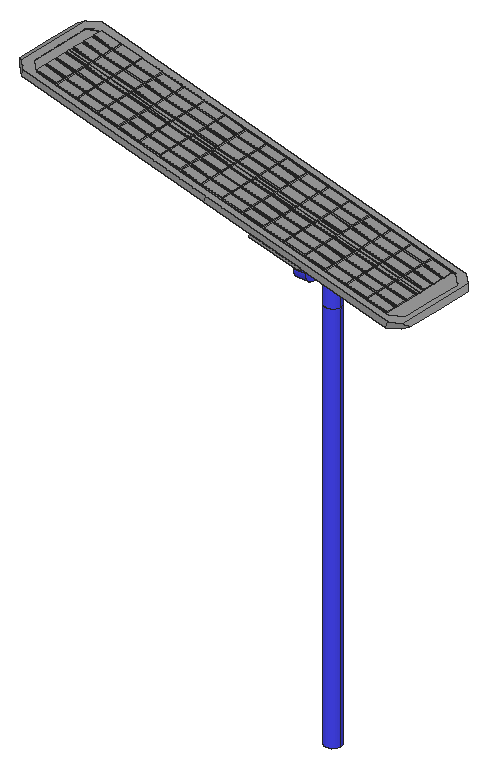
Revit family "BLS-10 & 8A", category Lighting Fixtures, host Face, Revit 2023 (continued)
Types (3, lengths in ft): name | Wattage Comments | Wattage | Type Comments | Photometric Web File | built-in parameter 1150142 | Model | built-in parameter 1150105 | Lumens | built-in parameter 1150106 | Description
  BLS-10A | "56.6" | 56.6 W | "APPLICATION: The BLS-8A is ideal for temporary lighting, \r\nThe LUCE SOLARE BLS-10A is a solar street and area lighting \r\nsolution that integrates the solar panel, battery and LED module \r\ninto a single low-profile fixture. BLS-10A utilitizes battery \r\ntechnology that will not drain below 10% capacity to ensure \r\nreliablere-chargefor maximum performance.\r\n(+ PIR 100%)\r\nOperation Mode (Orange Light) 5 hrs @ 70% + 7 hrs @ 30%\r\n(+ PIR 100%)\r\nOperation Mode (Red Light) 12 hrs @ 30% (+ PIR 100%)\r\nMounting Height 19 - 26 ft\r\nEffective Projected Area (EPA) 6.4 ft2\r\nCertifications IP65 / ROHS / FCC\r\nWeight 45.0 lb / 20.4 kg\r\nWarranty 3 years\r\nUpon proper installation and start-up, Beghelli does not guarantee product performance meets specified performance levels. Unknown \r\nenvironmental conditions effect performance. In no event shall Beghelli be liable for special, incidental or consequential damages related directly or \r\nindirectly to the lack of product functionality and / or performance. \r\nADVANTAGES\r\n• Integrated Solution\r\n• Environmentally Friendly\r\n• Easy Installation\r\n• $0 Energy Costs\r\n• PIR Motion Sensor\r\n• 3 Lighting Modes\r\nEXTRUDED ALUMINUM FRAMING \r\nWITH CLEAR ANODIZED FINISH\r\nSOLAR PANEL - 75W\r\nOPERATION MODES SWITCH\r\n(on/ off- depress long 1.5 sec)\r\n61.5\"\r\n15\"\r\n381 mm\r\n1563 mm\r\nOPERATION MODES \r\nLIGHT INDICATOR\r\nFABRICATED STEEL POST TOP MOUNTING \r\nBRACKET WITH GRAY PAINTED FINISH\r\n160 MID POWER LED\r\nPIR MOTION SENSOR\r\nSLIP-FIT FOR 2.75\" O.D \r\nX 5\" LONG TENON\r\n2.75\" O.D X 5\" TENON/\r\nPOLE (BY OTHERS)\r\nBATTERY\r\n6518 lm @ 5700°K\r\n1\r\n (5 SCDM)\r\n(2)\r\nSET SCREWS (PROVIDED)\r\nBLS-8A\r\nType II / B2-U1-G1\r\nSystem Power Delivery 45.3W\r\nThe LUCE SOLARE BLS-8A is a solar street and area lighting \r\nsolution that integrates the solar panel, battery and LED module \r\ninto a single low-profile fixture. BLS-8A utilitizes battery \r\ntechnology that will not drain below 10% capacity to \r\nensure reliable re-charge for maximum performance.\r\nThe BLS-8A design eliminates bulky external battery \r\nboxes, while maximizing light output by using high \r\nefficiency mono-crystalline silicon solar cells and LEDs.\r\nThe BLS-8A incorporates a night sensor that detects \r\nambient light to automatically turn the fixture on/off. An \r\ni" | "BLS-10A-5700°K.ies" | "IESNA:LM-63-2002\r\n[TEST]     \r\n[TESTLAB] BEGHELLI\r\n[TESTDATE] 2017-2-14         \r\n[ISSUEDATE] 2017-2-14 15:9:47        \r\n[NEARFIELD]          \r\n[LAMPPOSITION] \"0,0\"         \r\n[OTHER] BEGHELLI\r\n[MANUFAC] BEGHELLI     \r\n[LUMCAT]\r\n[LUMINAIRE] BLS-10A-5700°K  \r\n[OTHER] TOTAL LUMINAIRE WATTS REPRESENT LUMINAIRE POWER DELIVERY\r\nTILT=NONE\r\n1 10185.7 0.8 181 17 1 2 0 0 0\r\n1 1 56.6\r\n0 1 2 3 4 5 6 7 8 9 10 11 12 13 14 15 16 17 18 19 20 21 22 23 24 25 26 27 28 29 30 31 32 33 34 35 36 37 38 39 40 41 42 43 44 45 46 47 48 49 50 51 52 53 54 55 56 57 58 59 60 61 62 63 64 65 66 67 68 69 70 71 72 73 74 75 76 77 78 79 80 81 82 83 84 85 86 87 \r\n88 89 90 91 92 93 94 95 96 97 98 99 100 101 102 103 104 105 106 107 108 109 110 111 112 113 114 115 116 117 118 119 120 121 122 123 124 125 126 127 128 129 130 131 132 133 134 135 136 137 138 139 140 141 142 143 144 145 146 147 148 149 150 151 152 153 154\r\n 155 156 157 158 159 160 161 162 163 164 165 166 167 168 169 170 171 172 173 174 175 176 177 178 179 180\r\n0 22.5 45 67.5 90 112.5 135 157.5 180 202.5 225 247.5 270 292.5 315 337.5 360\r\n3473.069 3470.55 3461.78 3450.99 3441.92 3436.62 3422.98 3404.74 3395.69 3392.21 3395.59 3403.11 3420.31 3430.00 3437.63 3439.38 3439.48 3458.32 3488.36 3510.56 3522.68 3540.21 3547.54 3549.27 3527.58 3471.05 3417.58 3358.19 3302.59 3245.34 3199.61 \r\n3156.51 3113.34 3066.98 3031.24 2992.83 2943.21 2884.37 2812.14 2706.32 2593.34 2497.59 2400.62 2315.10 2243.68 2190.00 2150.67 2147.82 2189.49 2345.93 2574.71 2533.97 2201.40 1883.60 1513.46 1227.94 1058.15 944.89 873.69 813.91 768.99 733.84 701.14 \r\n675.89 641.28 608.76 569.13 562.12 542.35 533.30 513.14 493.46 481.45 457.73 442.24 431.53 432.05 426.35 328.25 232.10 170.89 163.14 172.40 99.69 50.69 40.51 28.19 17.81 10.65 4.14 0.00 0.00 0.00 0.00 0.00 0.00 0.00 0.00 0.00 0.00 0.00 0.00 0.00 0.00 0.00\r\n 0.00 0.00 0.00 0.00 0.00 0.00 0.00 0.00 0.00 0.00 0.00 0.00 0.00 0.00 0.00 0.00 0.00 0.00 0.00 0.00 0.00 0.00 0.00 0.00 0.00 0.00 0.00 0.00 0.00 0.00 0.00 0.00 0.00 0.00 0.00 0.00 0.00 0.00 0.00 0.00 0.00 0.00 0.00 0.00 0.00 0.00 0.00 0.00 0.00 0.00 0.00\r\n 0.00 0.00 0.00 0.00 0.00 0.00 0.00 0.00 0.00 0.00 0.00 0.00 0.00 0.00 0.00 0.00 0.00 0.00 0.00 0.00 0.00 0.00 0.00 0.00 0.00\r\n3473.069 3471.46 3465.15 3449.66 3432.96 3424.09 3417.58 3406.99 3402.70 3402.70 3412.08 3424.30 3434.79 3437.33 3447.72 3464.02 3479.40 3488.97 3496.00 3504.25 3503.85 3494.57 3487.55 3485.01 3476.96 3470.95 3458.92 3432.96 3398.82 3353.51 3299.11 \r\n3241.47 3176.67 3113.24 3058.23 3011.98 2963.90 2911.86 2854.93 2778.43 2692.95 2601.79 2492.71 2394.31 2291.64 2199.57 2126.95 2070.10 2046.88 2043.02 2075.30 2263.54 2446.07 2332.91 2004.32 1726.85 1452.03 1278.08 1153.09 1086.49 1025.57 977.58 930.34 \r\n880.63 837.44 799.55 760.63 739.34 719.70 696.06 665.09 645.43 614.59 593.90 576.08 545.42 511.90 463.83 434.18 409.74 369.71 285.88 217.22 153.27 145.31 114.35 59.45 40.41 31.74 21.75 12.92 4.04 0.08 0.00 0.00 0.00 0.00 0.00 0.00 0.00 0.00 0.00 0.00 0.00\r\n 0.00 0.00 0.00 0.00 0.00 0.00 0.00 0.00 0.00 0.00 0.00 0.00 0.00 0.00 0.00 0.00 0.00 0.00 0.00 0.00 0.00 0.00 0.00 0.00 0.00 0.00 0.00 0.00 0.00 0.00 0.00 0.00 0.00 0.00 0.00 0.00 0.00 0.00 0.00 0.00 0.00 0.00 0.00 0.00 0.00 0.00 0.00 0.00 0.00 0.00 0.00\r\n 0.00 0.00 0.00 0.00 0.00 0.00 0.00 0.00 0.00 0.00 0.00 0.00 0.00 0.00 0.00 0.00 0.00 0.00 0.00 0.00 0.00 0.00 0.00 0.00 0.48 0.00\r\n3473.069 3482.56 3481.55 3462.91 3443.86 3430.30 3429.49 3439.28 3455.16 3465.45 3473.30 3478.48 3483.06 3482.66 3482.66 3466.06 3445.89 3429.49 3415.03 3404.32 3403.71 3403.11 3379.28 3353.21 3337.30 3314.50 3305.74 3302.69 3298.60 3291.06 3283.52 \r\n3270.70 3256.54 3236.67 3215.49 3184.02 3171.27 3159.77 3144.08 3117.50 3085.63 3056.09 3022.89 2980.71 2925.00 2852.87 2779.64 2707.73 2623.40 2509.52 2381.08 2293.28 2235.51 2215.57 2212.30 2210.57 2229.00 2321.30 2275.14 2120.84 1946.65 1767.60 1647.20\r\n 1574.76 1522.74 1483.31 1460.80 1445.42 1416.18 1388.58 1318.60 1209.22 1083.62 969.15 866.26 788.45 728.04 689.33 645.83 600.31 539.92 467.90 404.94 362.06 337.74 292.19 234.36 185.13 150.00 125.87 85.84 55.79 23.31 6.91 0.00 0.00 0.00 0.00 0.00 0.00 \r\n0.00 0.00 0.00 0.00 0.00 0.00 0.00 0.00 0.00 0.00 0.00 0.00 0.00 0.00 0.00 0.00 0.00 0.00 0.00 0.00 0.00 0.00 0.00 0.00 0.00 0.00 0.00 0.00 0.00 0.00 0.00 0.00 0.00 0.00 0.00 0.00 0.00 0.00 0.00 0.00 0.00 0.00 0.00 0.00 0.00 0.00 0.00 0.00 0.00 0.00 0.00 \r\n0.00 0.00 0.00 0.00 0.00 0.00 0.00 0.00 0.00 0.00 0.00 0.00 0.00 0.00 0.00 0.00 0.00 0.00 0.00 0.00 0.00 0.48 0.48 0.48 0.48 0.48 0.48 0.48 0.48 0.00\r\n3473.069 3483.06 3473.20 3445.08 3421.03 3405.67 3400.67 3399.54 3399.44 3397.71 3399.44 3407.60 3412.99 3414.81 3416.54 3410.74 3410.13 3412.49 3417.69 3433.16 3447.52 3451.81 3450.28 3450.78 3461.78 3469.42 3491.64 3486.74 3439.99 3407.39 3392.61 \r\n3374.30 3356.36 3357.58 3391.20 3430.92 3454.23 3449.66 3416.34 3378.67 3361.56 3366.97 3389.17 3391.80 3384.17 3372.77 3369.50 3378.17 3386.91 3390.59 3390.09 3383.87 3377.83 3373.58 3361.13 3348.52 3360.32 3328.25 3285.56 3215.80 3108.33 2976.23 2765.28\r\n 2579.91 2445.76 2240.81 2053.20 1893.79 1808.63 1843.48 1761.80 1597.31 1433.70 1217.47 1005.49 843.04 807.07 835.49 783.56 677.21 552.14 478.68 474.63 406.89 330.70 317.25 279.27 193.91 143.58 132.68 109.66 72.39 43.24 22.05 4.65 0.00 0.00 0.00 0.00 \r\n0.00 0.00 0.00 0.00 0.00 0.00 0.00 0.00 0.00 0.00 0.00 0.00 0.00 0.00 0.00 0.00 0.00 0.00 0.00 0.00 0.00 0.00 0.00 0.00 0.00 0.00 0.00 0.00 0.00 0.00 0.00 0.00 0.00 0.00 0.00 0.00 0.00 0.00 0.00 0.00 0.00 0.00 0.00 0.00 0.00 0.00 0.00 0.00 0.00 0.00 0.00 \r\n0.00 0.00 0.00 0.00 0.00 0.00 0.00 0.00 0.00 0.00 0.00 0.00 0.00 0.00 0.00 0.00 0.00 0.00 0.00 0.00 0.00 0.00 0.00 0.00 0.00 0.00 0.00 0.00 1.11 1.11 0.00\r\n3473.069 3491.21 3483.19 3461.88 3431.53 3417.28 3422.15 3443.03 3471.96 3498.25 3530.02 3549.89 3539.61 3524.12 3504.35 3477.36 3440.59 3405.77 3374.50 3355.23 3355.23 3354.82 3364.51 3419.10 3463.41 3458.62 3458.21 3461.58 3459.75 3446.41 3412.39 \r\n3403.21 3406.57 3427.15 3428.18 3412.99 3387.22 3367.07 3350.03 3337.30 3326.82 3313.28 3296.56 3280.06 3268.36 3257.46 3241.57 3228.23 3209.89 3185.35 3171.78 3160.88 3153.45 3157.54 3172.18 3180.45 3159.47 3090.52 2997.51 2881.39 2758.65 2612.39 2465.94\r\n 2317.52 2223.20 2202.92 2245.92 2209.04 2036.39 1828.00 1598.32 1393.98 1268.49 1296.19 1340.09 1239.27 1065.50 910.26 825.02 708.48 539.70 549.79 566.39 448.75 326.94 234.22 177.71 134.31 107.63 93.38 79.52 59.98 42.64 24.42 9.03 0.00 0.00 0.48 0.00 \r\n1.61 1.11 1.11 1.11 1.11 1.11 1.61 1.61 1.61 1.61 1.61 1.61 1.61 1.61 1.61 1.61 1.61 1.61 1.61 1.61 1.61 1.61 1.61 1.61 1.61 1.61 1.61 1.61 1.61 1.61 1.61 1.61 1.61 1.61 1.61 1.61 1.61 1.61 1.61 1.61 1.61 1.61 1.61 1.61 1.61 1.61 1.61 1.61 1.61 1.61 1.61 \r\n1.61 1.61 1.61 1.61 1.61 1.61 1.61 1.61 1.61 1.61 1.61 1.61 1.61 1.61 1.61 1.61 1.61 1.61 1.11 1.11 1.11 1.11 1.11 1.11 1.61 0.48 0.48 0.48 0.48 0.48 0.00\r\n3473.069 3489.47 3483.29 3460.76 3439.48 3435.60 3442.63 3471.66 3520.35 3532.07 3514.95 3472.88 3411.14 3332.52 3267.02 3223.44 3218.34 3228.43 3232.30 3224.25 3199.11 3166.18 3154.78 3162.43 3183.32 3200.12 3201.44 3190.53 3169.14 3152.34 3147.65 \r\n3145.53 3151.53 3186.56 3225.06 3240.04 3239.53 3243.30 3256.03 3269.48 3272.42 3265.29 3246.15 3228.33 3207.04 3188.11 3157.64 3125.55 3099.67 3070.96 3040.90 3004.35 2943.65 2874.68 2791.86 2706.52 2617.18 2516.85 2401.26 2292.56 2191.31 2096.27 2009.82\r\n 1922.82 1818.82 1687.03 1554.01 1429.93 1310.06 1168.67 1047.97 942.96 849.56 769.50 672.83 567.41 478.90 427.36 387.64 329.06 272.54 234.02 208.47 185.56 155.50 113.75 78.09 54.56 45.21 43.96 36.03 22.79 11.58 1.11 0.00 0.00 0.00 0.00 0.48 1.11 0.48 \r\n1.71 1.11 1.11 1.11 1.11 1.11 1.11 1.11 1.11 1.11 1.11 1.11 1.11 1.11 1.11 1.11 1.11 1.11 1.11 1.11 1.11 1.11 1.11 1.11 1.11 1.11 1.11 1.11 1.11 1.11 1.11 1.11 1.11 1.11 1.11 1.11 1.11 1.11 1.11 1.11 1.11 1.11 1.11 1.11 1.11 1.11 1.11 1.11 1.11 1.11 1.11 \r\n1.11 1.11 1.11 1.11 1.11 1.11 1.11 1.11 1.11 1.11 1.11 1.11 1.11 1.11 1.11 1.11 1.11 1.11 1.11 1.11 1.11 1.11 1.11 1.11 1.11 1.11 1.11 1.11 0.00\r\n3473.069 3484.30 3468.51 3441.92 3418.09 3391.20 3373.88 3355.23 3307.57 3227.10 3131.25 3038.86 2961.57 2899.72 2852.57 2841.17 2817.95 2752.45 2698.55 2670.04 2651.21 2638.98 2623.40 2605.37 2588.57 2568.29 2544.36 2517.47 2489.46 2457.67 2434.96 \r\n2420.49 2420.49 2421.60 2421.09 2420.49 2419.78 2413.78 2393.61 2367.02 2329.23 2291.24 2253.55 2223.10 2203.44 2180.62 2159.73 2137.14 2114.42 2091.82 2063.38 2018.67 1960.01 1882.89 1788.89 1689.78 1591.26 1496.66 1404.88 1325.72 1267.58 1206.98 1124.06\r\n 1008.35 883.99 766.86 666.42 612.85 589.41 542.15 477.27 417.99 371.64 345.36 322.65 308.19 294.75 269.89 242.49 209.60 184.83 185.23 177.71 163.14 131.67 86.04 54.66 38.16 34.81 32.24 21.35 9.24 0.00 0.00 0.00 0.00 0.00 0.00 0.00 0.48 0.00 0.00 1.11 \r\n1.11 1.71 1.71 1.71 1.71 1.71 1.71 1.71 1.71 1.71 1.71 1.71 1.71 1.71 1.71 1.71 1.71 1.71 1.71 1.71 1.71 1.71 1.71 1.71 1.71 1.71 1.71 1.71 1.71 1.71 1.71 1.71 1.71 1.71 1.71 1.71 1.71 1.71 1.71 1.71 1.71 1.11 1.11 1.11 1.11 1.11 1.11 1.11 1.11 1.11 1.11 \r\n1.11 1.11 1.11 1.11 1.11 1.11 1.11 1.11 1.11 1.11 1.11 1.11 1.11 1.11 1.11 1.11 1.11 0.48 0.48 0.48 0.48 0.48 0.48 0.48 0.48 0.48 0.00\r\n3473.069 3477.26 3454.53 3411.88 3361.33 3316.11 3270.60 3184.02 3110.97 3063.63 3011.98 2945.07 2858.37 2785.96 2732.70 2690.12 2661.70 2638.67 2613.42 2586.63 2548.12 2486.49 2412.56 2328.93 2236.65 2140.81 2028.46 1914.36 1812.31 1717.38 1627.33 \r\n1546.76 1462.74 1382.97 1313.20 1243.84 1183.54 1125.59 1070.90 1017.83 964.96 916.48 874.93 840.89 811.06 788.65 772.76 756.36 742.20 730.19 723.66 719.49 715.51 710.21 704.71 693.61 671.82 648.09 614.26 583.41 562.42 550.70 545.42 536.25 515.87 486.13 \r\n455.37 433.36 428.68 428.06 412.49 367.87 325.81 320.71 342.63 366.65 345.56 272.84 188.21 135.44 133.69 148.17 140.74 115.88 86.86 76.45 75.04 59.45 36.33 22.05 10.25 0.00 0.00 0.00 0.00 0.00 0.00 0.00 0.00 0.00 0.00 0.00 0.00 0.00 0.00 0.00 0.00 0.00 \r\n0.00 0.00 0.00 0.00 0.00 0.00 0.00 0.00 0.00 0.00 0.00 0.00 0.00 0.00 0.00 0.00 0.00 0.48 1.61 1.11 1.11 1.11 1.11 1.11 1.11 1.11 1.11 1.11 1.11 1.11 1.11 1.11 1.11 1.11 1.11 1.11 1.11 1.11 1.11 1.11 1.11 1.11 1.11 1.11 1.11 1.11 1.11 1.11 1.11 1.11 1.11 \r\n1.11 1.11 1.11 1.11 1.11 1.11 1.11 1.11 1.11 1.11 1.11 1.11 1.11 1.11 1.11 1.11 1.11 1.11 1.11 1.11 1.11 0.00\r\n3473.069 3475.32 3452.92 3415.84 3381.51 3342.31 3265.09 3153.25 3069.63 3021.05 3000.17 2930.09 2841.07 2786.78 2735.63 2684.22 2630.84 2573.79 2519.50 2460.44 2394.72 2306.73 2195.40 2073.26 1933.12 1774.01 1603.41 1444.70 1302.20 1178.04 1064.47 966.78\r\n 903.95 852.00 808.51 774.30 742.40 718.36 695.44 670.81 650.73 628.43 606.92 588.71 574.03 561.61 550.70 540.12 527.69 519.14 513.74 506.30 505.17 504.56 505.17 505.80 508.24 514.05 520.56 535.54 549.59 565.37 564.67 559.37 543.59 517.81 511.70 520.96 \r\n528.50 514.35 476.36 431.23 389.37 335.90 267.67 209.08 203.28 218.43 214.69 189.01 158.65 136.97 117.51 55.69 14.74 0.00 0.00 0.00 0.00 0.00 0.00 0.00 0.00 0.00 0.00 0.00 0.00 0.00 0.00 0.00 0.00 0.00 0.00 0.00 0.00 0.00 0.00 0.00 0.00 0.00 0.00 0.00 \r\n0.00 0.00 0.00 0.00 0.00 0.00 0.0
    0 0.00 0.00 0.00 0.00 0.00 0.00 0.00 0.00 0.00 0.00 0.00 0.00 0.00 0.00 0.00 0.00 0.00 0.00 0.00 0.00 0.00 0.00 0.00 0.00 0.00 0.00 0.48 0.48 0.48 0.48 0.48 0.48 0.48 0.48 0.48 0.48 0.48 0.48 0.48 0.48 0.48 0.48 0.48 0.48 \r\n0.48 0.48 0.48 0.48 0.48 0.48 0.48 0.48 0.48 0.48 0.48 0.48 0.00 0.00 0.00 0.00 0.00 0.00\r\n3473.069 3459.65 3437.93 3410.84 3375.91 3358.61 3308.19 3215.29 3133.80 3076.04 3014.84 2924.79 2812.65 2748.80 2708.14 2681.24 2653.64 2621.47 2586.63 2541.20 2483.15 2415.09 2336.04 2251.43 2154.13 2053.00 1952.56 1864.78 1788.69 1702.70 1610.23 \r\n1518.05 1437.79 1363.62 1296.50 1231.32 1170.51 1105.53 1036.67 979.62 923.09 876.25 836.42 811.06 789.97 769.71 751.37 736.09 729.36 720.30 713.16 707.98 698.81 685.78 670.29 654.80 639.01 611.21 583.51 563.53 552.64 550.92 543.79 520.56 485.33 451.49 \r\n429.79 432.45 445.69 442.84 415.03 370.23 348.84 359.53 386.11 367.57 297.89 206.83 140.01 125.77 134.61 134.84 123.84 104.16 87.46 77.28 57.00 35.22 22.69 15.44 1.11 0.00 0.00 0.00 0.00 0.00 0.00 0.00 0.00 0.00 0.00 0.00 0.00 0.00 0.00 0.48 0.00 0.00 \r\n0.00 0.00 0.00 0.00 0.00 0.00 0.00 0.00 0.00 0.00 0.00 0.00 0.00 0.00 0.00 0.48 1.11 1.11 1.11 1.11 1.11 1.11 0.48 0.48 0.48 0.48 0.48 0.48 0.48 0.48 0.48 0.48 0.48 0.48 0.48 0.48 1.11 0.00 0.00 0.00 0.00 0.00 0.00 0.00 0.48 0.00 0.00 0.00 0.00 0.00 0.00 \r\n0.00 0.00 0.00 0.00 0.00 0.00 0.00 0.00 0.00 0.00 0.00 0.00 0.00 0.00 0.00 0.00 0.00 0.00 0.00 0.00 0.00 0.00\r\n3473.069 3445.49 3430.62 3408.40 3408.40 3407.60 3394.54 3347.91 3247.27 3132.98 3027.47 2939.66 2878.86 2850.44 2851.16 2828.34 2758.88 2700.41 2667.30 2659.85 2657.43 2650.38 2640.01 2620.85 2599.67 2573.28 2541.90 2506.66 2477.45 2450.96 2438.32 \r\n2431.39 2433.25 2438.95 2438.95 2436.38 2425.48 2413.57 2386.78 2341.15 2293.58 2261.90 2231.25 2204.57 2188.17 2174.11 2154.95 2121.65 2074.58 2016.13 1956.03 1885.95 1804.89 1710.77 1608.61 1510.09 1421.39 1347.85 1286.32 1228.57 1158.00 1063.35 942.26 \r\n811.56 701.36 631.08 595.62 562.72 517.00 460.87 410.54 372.35 345.66 333.04 315.31 292.39 262.37 229.87 205.92 196.13 191.56 186.06 165.29 117.31 76.78 44.89 36.73 34.91 30.22 18.41 8.73 0.00 0.00 0.00 0.00 0.00 0.00 0.00 0.48 0.00 0.00 0.00 0.48 1.61 \r\n1.11 1.61 1.61 1.61 1.61 1.61 1.61 1.61 1.61 1.61 1.61 1.61 1.61 1.61 1.61 1.61 1.61 1.61 1.61 1.61 1.61 1.61 1.61 1.61 1.61 1.61 1.61 1.61 1.61 1.61 1.61 1.61 1.61 1.61 1.61 1.61 1.61 1.61 1.61 1.61 1.61 1.11 1.11 1.11 1.11 1.11 1.11 1.11 1.11 1.11 1.11 \r\n1.11 1.11 1.11 1.11 1.11 1.11 1.11 1.11 1.11 1.11 1.11 1.11 1.11 1.11 1.11 1.11 1.11 1.11 1.11 1.11 1.11 1.11 1.61 0.48 0.48 0.00\r\n3473.069 3431.12 3413.70 3416.44 3447.22 3481.95 3516.38 3534.31 3521.67 3485.31 3425.92 3347.81 3269.28 3236.89 3242.07 3263.88 3268.04 3247.17 3208.05 3152.44 3113.74 3102.93 3103.15 3115.86 3119.44 3118.52 3110.57 3107.63 3111.70 3111.17 3115.97 \r\n3146.13 3178.12 3207.24 3239.03 3259.19 3264.69 3272.12 3270.80 3259.09 3234.74 3211.22 3192.67 3172.32 3146.84 3123.92 3098.66 3073.71 3052.83 3029.50 2988.15 2928.88 2868.26 2797.27 2711.01 2612.49 2500.96 2387.59 2287.98 2188.37 2084.97 1958.16 1808.73\r\n 1667.06 1546.66 1429.83 1307.70 1185.27 1058.47 934.59 829.79 759.42 672.02 563.43 479.83 434.69 396.08 338.34 284.46 248.20 227.51 203.18 166.80 123.74 82.48 59.45 49.99 46.92 42.74 28.61 18.31 5.68 1.11 0.48 0.00 0.48 1.11 1.11 1.11 1.61 1.11 1.11 1.11\r\n 1.11 1.11 1.11 1.11 1.11 1.11 1.11 1.11 1.11 1.11 1.11 1.11 1.11 1.11 1.11 1.11 1.11 1.11 1.11 1.11 1.11 1.11 1.11 1.11 1.11 1.11 1.11 1.11 1.11 1.11 1.11 1.11 1.11 1.11 1.11 1.11 1.11 1.11 1.11 1.11 1.11 1.11 1.11 1.11 1.61 0.48 1.11 0.48 0.48 0.48 0.48\r\n 0.48 0.48 0.48 0.48 0.48 0.48 0.48 0.48 0.48 0.48 0.48 0.48 0.48 0.48 0.48 0.48 0.48 0.48 0.48 0.48 0.48 0.48 0.48 0.48 0.48 0.48 0.00\r\n3473.069 3414.71 3398.52 3397.30 3412.19 3443.33 3467.18 3493.76 3513.84 3530.64 3535.84 3534.21 3518.72 3489.27 3468.51 3440.49 3405.54 3382.93 3393.02 3415.73 3443.56 3489.07 3517.50 3529.72 3511.08 3496.61 3485.71 3486.14 3487.86 3493.05 3491.54 \r\n3490.91 3490.30 3478.08 3461.99 3442.12 3420.21 3408.10 3400.87 3393.94 3387.52 3387.32 3387.92 3375.81 3357.48 3339.25 3319.09 3300.24 3283.22 3278.02 3277.92 3280.28 3283.72 3265.51 3212.34 3142.87 3048.65 2935.99 2773.23 2595.79 2454.20 2402.88 2434.56\r\n 2508.20 2526.44 2437.49 2269.14 2011.23 1705.46 1595.35 1632.43 1670.12 1563.36 1373.93 1208.92 1115.92 1085.15 805.96 605.81 550.70 454.75 391.91 331.81 259.19 195.32 139.10 112.40 92.26 69.94 46.42 34.51 19.73 9.54 1.71 0.00 0.00 0.00 0.00 0.00 0.00 \r\n0.00 0.00 0.00 0.00 0.00 0.00 0.00 0.00 0.00 0.00 0.00 0.00 0.00 0.00 0.00 0.00 0.00 0.00 0.00 0.00 0.00 0.00 0.00 0.00 0.00 0.00 0.00 0.00 0.00 0.00 0.00 0.00 0.00 0.00 0.00 0.00 0.00 0.00 0.00 0.00 0.00 0.00 0.00 0.00 0.00 0.00 0.00 0.00 0.00 0.00 0.00 \r\n0.00 0.00 1.11 0.48 0.48 1.61 1.11 1.11 1.11 1.11 1.11 1.11 1.11 1.11 1.11 1.11 1.11 1.11 1.11 1.11 1.11 1.11 1.11 1.11 1.11 1.11 1.11 1.11 1.11 0.00\r\n3473.069 3424.50 3399.02 3396.60 3387.52 3380.70 3397.81 3419.51 3429.39 3444.26 3461.68 3469.42 3471.86 3464.85 3458.92 3459.45 3473.30 3490.50 3498.75 3496.00 3486.14 3494.06 3508.84 3527.88 3548.56 3554.77 3582.28 3598.27 3600.63 3583.81 3568.73 \r\n3571.79 3626.68 3688.72 3711.34 3705.02 3641.06 3579.64 3537.25 3515.05 3503.65 3484.70 3471.96 3467.18 3467.70 3467.18 3487.15 3506.08 3528.61 3554.47 3578.21 3607.24 3628.83 3647.97 3649.51 3614.27 3537.67 3429.80 3312.98 3172.42 2978.88 2718.33 2538.65\r\n 2476.94 2446.27 2464.80 2473.26 2377.41 2191.42 1974.45 1653.30 1284.69 1121.12 1076.30 1086.39 1050.62 925.34 736.09 620.19 616.51 545.72 418.09 393.74 353.00 221.81 163.75 151.21 127.18 91.12 67.19 49.89 30.12 10.95 1.81 0.00 0.00 0.00 0.00 0.00 0.00 \r\n0.00 0.00 0.00 0.00 0.00 0.00 0.00 0.00 0.00 0.00 0.00 0.00 0.00 0.00 0.00 0.00 0.00 0.00 0.00 0.00 0.00 0.00 0.00 0.00 0.00 0.00 0.00 0.00 0.00 0.00 0.00 0.00 0.00 0.00 0.00 0.00 0.00 0.00 0.00 0.00 0.00 0.00 0.00 0.00 0.00 0.00 0.00 0.00 0.00 0.00 0.00 \r\n0.00 0.00 0.00 0.00 0.48 1.11 0.48 0.48 0.48 0.48 0.48 0.48 0.48 0.48 0.48 0.48 0.48 0.48 0.48 0.48 0.48 0.48 0.48 0.48 0.48 0.48 0.48 0.48 0.48 0.00\r\n3473.069 3440.49 3420.93 3411.58 3400.27 3397.71 3416.44 3442.42 3466.88 3486.04 3495.50 3496.91 3486.54 3478.80 3464.02 3455.16 3448.53 3435.30 3429.70 3446.31 3464.52 3480.01 3497.24 3501.10 3491.74 3456.99 3434.69 3416.14 3415.43 3430.72 3438.98 \r\n3423.79 3396.50 3366.83 3340.68 3315.61 3302.39 3290.36 3271.01 3247.89 3215.49 3178.62 3142.65 3112.62 3082.66 3036.84 2941.60 2851.46 2761.21 2675.44 2600.88 2544.76 2538.85 2540.99 2506.06 2448.83 2462.26 2537.83 2486.91 2316.21 2154.13 1999.53 1915.07\r\n 1876.08 1838.59 1781.03 1719.72 1638.75 1527.52 1401.93 1248.63 1096.45 967.10 871.36 843.45 817.06 776.22 712.56 619.16 526.36 445.69 405.36 391.31 364.83 309.41 250.62 214.19 176.49 138.18 97.25 56.19 25.33 8.53 0.18 0.00 0.00 0.00 0.00 0.00 0.00 0.00 \r\n0.00 0.00 0.00 0.00 0.00 0.00 0.00 0.00 0.00 0.00 0.00 0.00 0.00 0.00 0.00 0.00 0.00 0.00 0.00 0.00 0.00 0.00 0.00 0.00 0.00 0.00 0.00 0.00 0.00 0.00 0.00 0.00 0.00 0.00 0.00 0.00 0.00 0.00 0.00 0.00 0.00 0.00 0.00 0.00 0.00 0.00 0.00 0.00 0.00 0.00 0.00 \r\n0.00 0.00 0.00 0.00 0.00 0.00 0.00 0.00 0.00 0.00 0.00 0.00 0.00 0.00 0.00 0.00 0.00 0.00 0.00 0.48 0.48 0.48 0.48 1.11 1.61 1.11 1.11 1.11 0.00\r\n3473.069 3458.21 3447.92 3439.38 3425.72 3421.65 3436.22 3460.66 3479.20 3497.04 3501.60 3501.10 3501.60 3506.80 3510.98 3513.94 3513.32 3504.05 3493.15 3486.44 3486.44 3501.60 3518.62 3524.84 3520.45 3498.35 3460.26 3404.32 3346.38 3287.20 3210.10 \r\n3141.74 3070.96 3010.55 2952.29 2906.97 2875.89 2836.88 2801.65 2748.28 2676.45 2593.44 2496.99 2407.16 2313.13 2237.68 2175.02 2117.26 2084.16 2065.14 2089.97 2305.41 2482.84 2335.84 2024.07 1775.43 1522.94 1353.76 1231.52 1146.77 1085.15 1035.34 987.47 \r\n948.57 915.67 885.30 854.66 825.02 788.05 757.47 729.06 703.90 681.79 661.42 621.20 582.08 526.26 487.76 458.74 416.26 369.91 283.64 210.81 172.52 151.84 111.90 60.58 40.72 32.76 18.92 8.83 0.48 0.00 0.00 0.00 0.00 0.00 0.00 0.00 0.00 0.00 0.00 0.00 0.00 \r\n0.00 0.00 0.00 0.00 0.00 0.00 0.00 0.00 0.00 0.00 0.00 0.00 0.00 0.00 0.00 0.00 0.00 0.00 0.00 0.00 0.00 0.00 0.00 0.00 0.00 0.00 0.00 0.00 0.00 0.00 0.00 0.00 0.00 0.00 0.00 0.00 0.00 0.00 0.00 0.00 0.00 0.00 0.00 0.00 0.00 0.00 0.00 0.00 0.00 0.00 0.00 \r\n0.00 0.00 0.00 0.00 0.00 0.00 0.00 0.00 0.00 0.00 0.00 0.00 0.00 0.00 0.00 0.00 0.00 0.00 0.00 0.00 0.00 0.00 0.00 0.00 0.00 0.00\r\n3473.069 3470.55 3461.78 3450.99 3441.92 3436.62 3422.98 3404.74 3395.69 3392.21 3395.59 3403.11 3420.31 3430.00 3437.63 3439.38 3439.48 3458.32 3488.36 3510.56 3522.68 3540.21 3547.54 3549.27 3527.58 3471.05 3417.58 3358.19 3302.59 3245.34 3199.61 \r\n3156.51 3113.34 3066.98 3031.24 2992.83 2943.21 2884.37 2812.14 2706.32 2593.34 2497.59 2400.62 2315.10 2243.68 2190.00 2150.67 2147.82 2189.49 2345.93 2574.71 2533.97 2201.40 1883.60 1513.46 1227.94 1058.15 944.89 873.69 813.91 768.99 733.84 701.14 \r\n675.89 641.28 608.76 569.13 562.12 542.35 533.30 513.14 493.46 481.45 457.73 442.24 431.53 432.05 426.35 328.25 232.10 170.89 163.14 172.40 99.69 50.69 40.51 28.19 17.81 10.65 4.14 0.00 0.00 0.00 0.00 0.00 0.00 0.00 0.00 0.00 0.00 0.00 0.00 0.00 0.00 0.00\r\n 0.00 0.00 0.00 0.00 0.00 0.00 0.00 0.00 0.00 0.00 0.00 0.00 0.00 0.00 0.00 0.00 0.00 0.00 0.00 0.00 0.00 0.00 0.00 0.00 0.00 0.00 0.00 0.00 0.00 0.00 0.00 0.00 0.00 0.00 0.00 0.00 0.00 0.00 0.00 0.00 0.00 0.00 0.00 0.00 0.00 0.00 0.00 0.00 0.00 0.00 0.00\r\n 0.00 0.00 0.00 0.00 0.00 0.00 0.00 0.00 0.00 0.00 0.00 0.00 0.00 0.00 0.00 0.00 0.00 0.00 0.00 0.00 0.00 0.00 0.00 0.00 0.00\r\n" | "BLS-10A" | 648.59 (stored number, unit not read) | 8150.4 lm | 6.4859 (stored number, unit not read) | "APPLICATION: The BLS-10A is ideal for temporary lighting, \r\npathways, parking areas, public walkways, parks and roads.\r\nsolution that integrates the solar panel, battery and LED module \r\ninto a single low-profile fixture. BLS-8A utilitizes battery \r\ntechnology that will not drain below 10% capacity to \r\nensure reliable re-charge for maximum performance."
